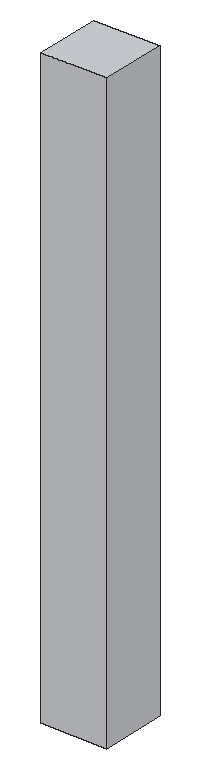
Revit family "M_Poste - Quadrado", category Balaústres, Revit 2019
Family settings
  Número OmniClass = 23.30.80.11.11.14
  Título OmniClass = Posts, Newel Posts, Pickets
  ID de item do Seek = Post - Square-0000-CAN-ENU
  Sempre na vertical = Sim
  Corte com vazios quando carregada = Não
  Compartilhado = Não
Parameters (values of type "100mm")
  built-in parameter 1008623 [instance] = (empty or 0)
  built-in parameter 1008625 [instance] = (empty or 0)
  Material de poste = none
  Largura = 100 mm
  Post = yes
  built-in parameter 1008624 [instance] = (empty or 0)
  built-in parameter 1008622 [instance] = 915 mm
Types (5, lengths in mm): name | Largura
  (no name) | 100
  30mm | 30
  60mm | 60
  100mm | 100
  150mm | 150
Reference planes
  plane 1 "Centro (Frente/Trás)": y = 0
  plane 2: z = 0
  plane 3 "Centro (Esquerda/Direita)": x = 0
  plane 4 "Superior": z = 915
Forms (mm)
  Extrusion 1, solid, material <- "Material de poste"
    sketch origin (0, 0, 0) x (1, 0, 0) y (0, 1, 0)
      loop
        line (-50, 50) -> (-50, -50) -> (50, -50) -> (50, 50) -> (-50, 50)
    from 0 to 915
Dimensions and locks
  "built-in parameter 1008622": plane 2 to plane 4 "Superior"
  equal spacing: Extrusion 1 sketch curve, plane 3 "Centro (Esquerda/Direita)", Extrusion 1 sketch curve
  equal spacing: Extrusion 1 sketch curve, plane 1 "Centro (Frente/Trás)", Extrusion 1 sketch curve
  "Largura": Extrusion 1 sketch curve to Extrusion 1 sketch curve  (x2)
  aligned and locked: Extrusion 1 to level
  aligned and locked: Extrusion 1 to plane 4 "Superior"
